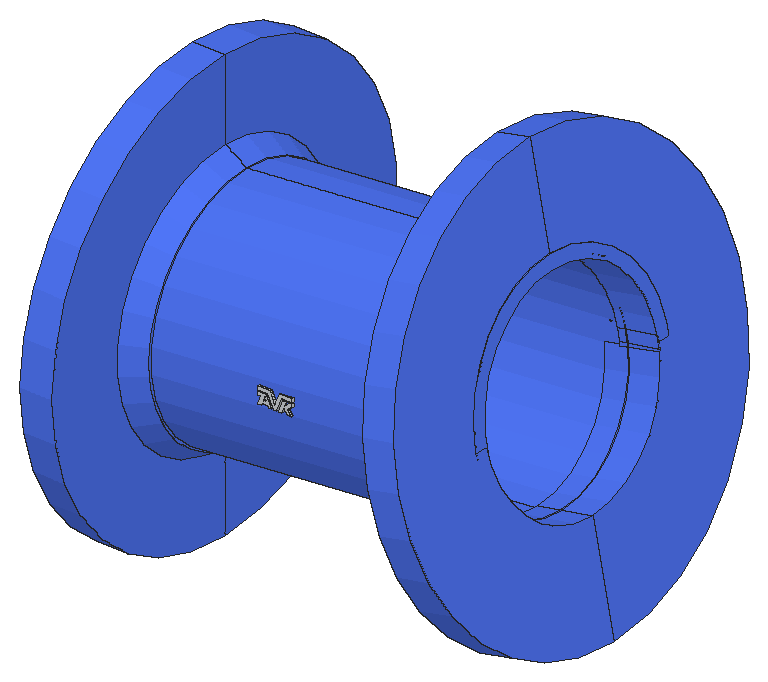
Revit family "712-0120-001-DN125", category Pipe Fittings, Revit 2019
Family settings
  Round Connector Dimension = Use Diameter
  Part Type = Elbow
  Work Plane-Based = No
  Always vertical = Yes
  Cut with Voids When Loaded = No
  Shared = No
Parameters (values of type "DN125_PN10/16")
  Rf_Dia = 92 mm
  RF_Thick = 3 mm
  L_Ref = 90 mm
  L = 111 mm  # constant formula
  ID(Radius) = [Nominal Diameter(DN)] / 2  # 62.5 mm
  Flange_thickness = 18.5 mm  # constant formula
  Nominal Diameter(DN) = 125 mm
  FOD = 125 mm
  URL product pages = "https://www.avkvalves.com/P.aspx?no=712012501201"
  Description_ = "AVK FLANGED BEND 11.25° W/LOOSE FLANGES"
  DN125_PN10/16 = yes
  DN 125_PN10/16 = "712-0125-01-201"
  Body_wallthickness = 15 mm + [Nominal Diameter(DN)]  # 140 mm
  A = 11.25°  # constant formula
Reference planes
  plane 1 "Center (Front/Back)": y = 0
  plane 2: z = 0
  plane 3 "Center (Left/Right)": x = 0
  plane 4: x = 111
  plane 5: through (108.529, -1524, 12.422) normal (0.9808, 0, 0.1951)
  plane 6: through (217.864, -1524, 31.723) normal (0.9808, 0, 0.1951)
  plane 7: through (111, -1524, 0) normal (-0.1951, 0, 0.9808)
Forms (mm)
  Sweep 1, solid, material "Plastic"
    path origin (0, 0, 0) x (1, 0, 0) y (0, 0, -1)
      loop
        line (0, 0) -> (23.41, 0)
        arc (23.41, 0) -> (110.666, -3.814) -> (197.256, -15.227) r 1000
        line (197.256, -15.227) -> (220.335, -19.301)
    profile origin (11.705, 0, 0) x (0, 0, 1) y (0, -1, 0)
      loop
        circle (0, 0) r 62.5
      loop
        circle (0, 0) r 70
  Revolve 2, solid, material "Plastic"
    sketch origin (0, 0, 0) x (1, 0, 0) y (0, 0, -1)
      loop
        line (0, 62.5) -> (18.5, 62.5) -> (18.5, 125) -> (0, 125) -> (0, 62.5)
      axis (0, 0) -> (18.5, 0)
    angle from 0 to 360
  Revolve 3, solid, material "Plastic"
    sketch origin (0, 0, 0) x (1, 0, 0) y (0, 0, -1)
      loop
        line (232.06, 39.644) -> (244.253, 100.943) -> (226.109, 104.552) -> (213.916, 43.253) -> (232.06, 39.644)
      axis (219.867, -21.655) -> (201.723, -18.046)
    angle from 0 to 360
  Revolve 4, solid, material "Plastic"
    sketch origin (0, 0, 0) x (1, 0, 0) y (0, 0, -1)
      loop
        line (18.5, 62.5) -> (31.49, 62.5) -> (31.49, 70.843) -> (18.5, 78.343) -> (18.5, 62.5)
      axis (18.5, 0) -> (31.49, 0)
    angle from 0 to 360
  Revolve 5, solid, material "Plastic"
    sketch origin (0, 0, 0) x (1, 0, 0) y (0, 0, -1)
      loop
        line (213.916, 43.253) -> (217.818, 62.869) -> (202.153, 55.564) -> (200.245, 45.973) -> (213.916, 43.253)
      axis (201.723, -18.046) -> (188.052, -15.327)
    angle from 0 to 360
Dimensions and locks
  "L": plane 4 to plane 3 "Center (Left/Right)"
  "L": plane 5 to plane 6
  "Flange_thickness": Revolve 2 sketch curve to plane 3 "Center (Left/Right)"
  "ID(Radius)": Revolve 3 sketch curve to plane 7
  "FOD": Revolve 3 sketch curve to plane 7
  "Flange_thickness": Revolve 3 sketch curve to plane 6
  locked: Revolve 2 to Revolve 4 sketch curve at 12.99
  "ID(Radius)": Revolve 5 sketch curve to plane 7
  locked: Revolve 5 sketch curve to plane 7 at 82.5
  locked: Revolve 5 sketch curve to plane 7 at 72.28
  locked: Revolve 5 sketch curve to Revolve 3 at 13.939
  "ID(Radius)": radius of Sweep 1 sketch curve
  "Body_wallthickness": diameter of Sweep 1 sketch curve
  "A": angle plane 4 to plane 5
  aligned and locked: level to plane 2
  aligned and locked: Sweep 1 sketch curve to plane 3 "Center (Left/Right)"
  aligned and locked: plane 6 to Sweep 1 sketch curve
  aligned and locked: Revolve 2 sketch curve to Sweep 1
  aligned and locked: plane 6 to Revolve 3 sketch curve
  aligned and locked: Revolve 3 sketch curve to plane 7
  aligned and locked: Revolve 4 sketch curve to Revolve 2
  aligned and locked: Revolve 5 sketch curve to plane 7
Automatic sketch dimensions
  Sweep 1 sketch curve to plane 3 "Center (Left/Right)" = 23.41 mm
  Sweep 1 sketch curve to Sweep 1 sketch curve = 23.079 mm
  plane 4 to Sweep 1 sketch curve = 86.256 mm
  Sweep 1 sketch curve to Sweep 1 sketch curve = 980.699 mm
  Sweep 1 sketch curve to Sweep 1 sketch curve = 4.074 mm
  Revolve 4 sketch curve to level = 0 mm
  level to Revolve 4 sketch curve = 62.5 mm
  Revolve 4 sketch curve to Revolve 4 sketch curve = 8.343 mm
  Revolve 4 sketch curve to Revolve 4 sketch curve = 7.5 mm
  Revolve 4 sketch curve to plane 3 "Center (Left/Right)" = 3.5 mm
  Revolve 4 sketch curve to Revolve 4 sketch curve = 31.628 mm
  Sweep 1 sketch curve to Sweep 1 sketch curve = 0 mm  (x2)
  Sweep 1 sketch curve to plane 1 "Center (Front/Back)" = 0 mm
  profile plane to Sweep 1 sketch curve = 0 mm
  Revolve 2 sketch curve to level = 0 mm
  level to Revolve 2 sketch curve = 62.5 mm
  Revolve 2 sketch curve to Revolve 2 sketch curve = 62.5 mm
  plane 3 "Center (Left/Right)" to Revolve 2 sketch curve = 15 mm
  Revolve 2 sketch curve to plane 3 "Center (Left/Right)" = 10 mm
  Revolve 3 sketch curve to level = 20.516 mm
  Revolve 3 sketch curve to level = 21.665 mm
  level to Revolve 5 sketch curve = 43.253 mm
  Revolve 5 sketch curve to level = 14.144 mm
  Revolve 5 sketch curve to level = 18.046 mm
Nested families
  nested 1: "Latest New 3" at (104.791, -69.976, 1.461) x (1, 0.0021, 0.0001) z (0.0021, -0.9997, -0.0263), type "Latest New 3"
Connectors
  piping at (219.867, 0, 21.655), diameter 125, driven by "Nominal Diameter(DN)"
    settings: on Revolve 3, index 1, connector inside diameter 609.6 mm, connector length 0 mm, flow factor 0, pipe flow 0.0 L/s, pressure drop 0.0 Pa, fitting loss kfactor 0, connector angle 0.00°, fixture units 0, engagement length 0 mm, angle of deflection 0.00°, flow configuration 0, flow direction 0, fitting loss method 0, system type 7, joint type 0, gender type 0, connector reference index -1, connector utility 0, adjustable connector no, is connector primary yes, connector description ""
  piping at (0, 0, 0), diameter 125, driven by "Nominal Diameter(DN)"
    settings: on Revolve 2, index 2, connector inside diameter 609.6 mm, connector length 0 mm, flow factor 0, pipe flow 0.0 L/s, pressure drop 0.0 Pa, fitting loss kfactor 0, connector angle 0.00°, fixture units 0, engagement length 0 mm, angle of deflection 0.00°, flow configuration 0, flow direction 0, fitting loss method 0, system type 7, joint type 0, gender type 0, connector reference index -1, connector utility 0, adjustable connector no, is connector primary no, connector description ""
Definition of nested family "Latest New 3"
  Parameters
    Default Elevation = 1219.2 mm
  Reference planes
    plane 1 "Center (Front/Back)": y = 0
    plane 2: z = 0
    plane 3 "Center (Left/Right)": x = 0
  Forms (mm)
    Extrusion 1, solid
      sketch origin (0, 0, 0) x (1, 0, 0) y (0, 1, 0)
        loop
          line (-1219.2, 1219.2) -> (-1219.2, -1219.2) -> (1219.2, -1219.2) -> (1219.2, 1219.2) -> (-1219.2, 1219.2)
      from 0 to -304.8
    Extrusion 2, solid
      sketch origin (0, 0, 0) x (1, 0, 0) y (0, 1, 0)
        loop
          line (-2.683, 9.413) -> (-9.884, 9.413) -> (-9.884, 7.46) -> (-4.022, 7.46) -> (-0.985, 0) -> (0.985, 0) -> (4.022, 7.46) -> (9.884, 7.46) -> (9.884, 9.413) -> (2.683, 9.413) -> (0, 2.824) -> (-2.683, 9.413)
        loop
          line (-4.528, 6.707) -> (-9.884, 6.707) -> (-9.884, 4.824) -> (-8.032, 4.824) -> (-9.884, 0) -> (-7.792, 0) -> (-7.394, 1.035) -> (-4.328, 1.035) -> (-3.907, 0) -> (-1.798, 0) -> (-4.528, 6.707)
        loop
          line (-6.91, 2.824) -> (-5.056, 2.824) -> (-6.01, 5.167) -> (-6.91, 2.824)
        loop
          line (1.798, 0) -> (3.907, 0) -> (4.98, 2.637) -> (6.968, 0) -> (9.413, 0) -> (7.166, 2.983)
          arc (7.166, 2.983) -> (8.216, 3.774) -> (9.007, 4.824) r 4.724
          line (9.007, 4.824) -> (9.884, 4.824) -> (9.884, 6.707) -> (8.001, 6.707)
          arc (8.001, 6.707) -> (7.315, 5.008) -> (5.642, 4.261) r 2.448
          line (5.642, 4.261) -> (6.637, 6.707) -> (4.528, 6.707) -> (1.798, 0)
      from 0 to 1
  Dimensions and locks
    aligned and locked: plane 2 to Extrusion 1
    aligned and locked: level to Extrusion 1
    aligned and locked: Extrusion 2 sketch curve to import instance  (x30)
